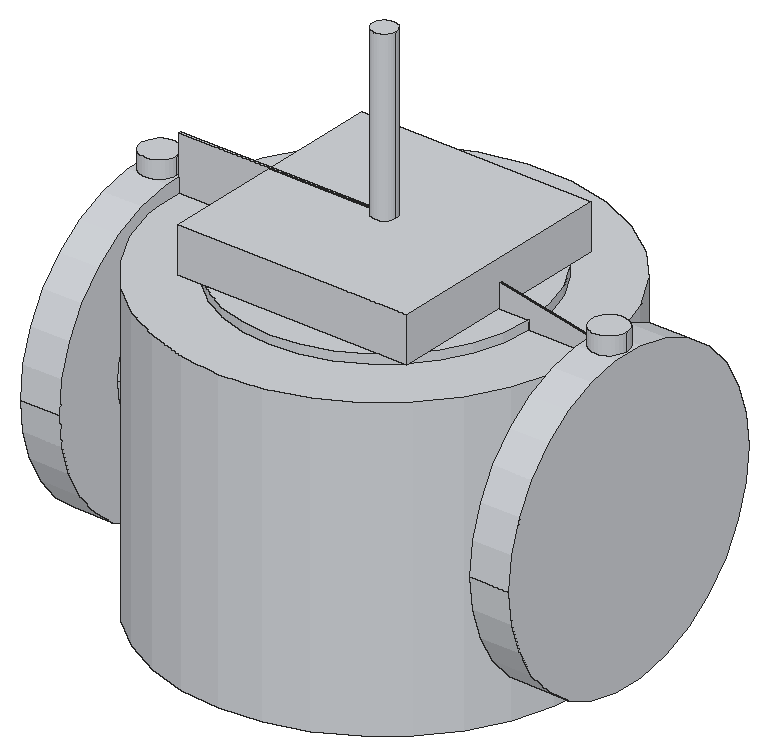
Revit family "OC-FLANGE_HF_DN50-300_PN25_RFA_2018", category Pipe Accessories, Revit 2018
Family settings
  Round Connector Dimension = Use Diameter
  Part Type = Valve - Breaks Into
  Work Plane-Based = No
  Always vertical = Yes
  Cut with Voids When Loaded = No
  Shared = No
Parameters (values of type "Optima Compact Flange PN25 DN300 HF")
  magiProductId = "6988231868984c45bc1ee399ade9af"
  magiProductFamilyId = "85dff9c68a224669bc3e9a31beef4e"
  magiPartTypeId = 304
  isMeasuringValve [instance] = no
  ang2D [instance] = 0.00°
  W2D = 50 mm
  VersionID = "2.0/2018.12.13.2/FRESE_OPT_COMP_BIG_Q13_001"
  Use Minimum Symbol Size [instance] = no
  URL = "www.hydronic.cz"
  Type Comments = "Přírubový; PN25; 0~110°C, s měřením"
  R4 = 251.65 mm
  R3 = 135.2 mm
  R1 = 359.5 mm
  QmdConnectorList = "301;D;302;D"
  Productdata [instance] = ""
  Manufacturer = "Hydronic Systems Prague s..ro"
  MC Use Limits From Balancing Method = no
  MC Throttling Minimum Value = 0
  MC Throttling Maximum Value = 0
  MC Product Code = "53-1238 (DN300 HF; 48mm; pohon min 2500N; Qmin-dpmin 245000l/h-15.0kPa; Qmax-dpmin 600000l/h-70.0kPa; dpmax 800kPa)"
  MC Pressure Drop Minimum Value = 0.0 Pa
  MC Pressure Drop Maximum Value = 0.0 Pa
  MC Piping Given Pressure Drop [instance] = 0.0 Pa
  LF__ve = -LF  # -68 mm
  LF2 = 34 mm
  LF = 68 mm
  L4 = 399.5 mm
  L3 = 714 mm
  L2D_Min = 30.48 mm
  L2D = 230 mm
  L2 = 425 mm
  H6 = 290 mm
  H4 = 78 mm
  H3 = 15 mm
  H2 = 286 mm
  H1 = 520 mm
  H = 1132 mm
  Description = "Tlakově nezávislý 2-cestný regulační vyvažovací ventil (PICV)"
  DF2 = 260 mm
  DD = yes
  D = 300 mm
  CAT0 = yes
  AL2 = 156 mm
  ACT3W = 167 mm
  ACT3L = 92.5 mm
  ACT2L = 230 mm
  ACT2H = 311 mm
  A3WP = 112 mm
Types (2, lengths in mm): name | magiProductId | R4 | R3 | R1 | MC Product Code | LF__ve | LF2 | LF | L4 | L3 | L2 | H6 | H4 | H2 | H1 | H | DF2 | D
  Optima Compact Flange PN25 DN250 HF | "248d4ad3cfa54a6393ff3e1f812aa6" | 192.15 | 115.44 | 274.5 | "53-1237 (DN250 HF; 48mm; pohon min 2500N; Qmin-dpmin 245000l/h-15.0kPa; Qmax-dpmin 600000l/h-70.0kPa; dpmax 800kPa)" | -58.4 | 29.2 | 58.4 | 343.1 | 613.2 | 365 | 339.4 | 66.6 | 244.2 | 444 | 1094 | 222 | 250
  Optima Compact Flange PN25 DN300 HF | "6988231868984c45bc1ee399ade9af" | 251.65 | 135.2 | 359.5 | "53-1238 (DN300 HF; 48mm; pohon min 2500N; Qmin-dpmin 245000l/h-15.0kPa; Qmax-dpmin 600000l/h-70.0kPa; dpmax 800kPa)" | -68 | 34 | 68 | 399.5 | 714 | 425 | 290 | 78 | 286 | 520 | 1132 | 260 | 300
Reference planes
  plane 1 "Center (Front/Back)": y = 0
  plane 2 "XYPLANE": z = 0
  plane 3 "Center (Left/Right)": x = 0
  plane 4 "362": y = 45
  plane 5 "361": y = 55
  plane 6 "360": y = -102
  plane 7 "359": y = -112
  plane 8 "358": z = 852
  plane 9 "357": x = -87.5
  plane 10 "356": x = 87.5
  plane 11 "355": x = -92.5
  plane 12 "354": x = 92.5
  plane 13 "353": x = 35
  plane 14 "352": x = -35
  plane 15 "351": z = 627
  plane 16 "350": z = 812
  plane 17 "347": y = -25
  plane 18 "346": y = 25
  plane 19 "342": z = 328
  plane 20 "341": x = 357
  plane 21 "340": x = -357
  plane 22 "335": x = 106
  plane 23 "334": z = 759
  plane 24 "333": z = 684
  plane 25 "332": z = 689
  plane 26 "331": z = 729
  plane 27 "330": z = 561
  plane 28 "329": z = -260
  plane 29 "328": x = -45
  plane 30 "327": x = 45
  plane 31 "326": x = -49
  plane 32 "325": x = 49
  plane 33 "324": y = -20
  plane 34 "323": y = 20
  plane 35 "322": z = 869
  plane 36 "321": z = 872
  plane 37 "320": z = 581
  plane 38 "319": y = -61
  plane 39 "318": y = 73
  plane 40 "317": x = -74
  plane 41 "316": x = 156
  plane 42 "206": x = 391
  plane 43 "205": x = -391
  plane 44 "204": z = 260
  plane 45 "203": z = 327
  plane 46 "202": z = 249
  plane 47 "201": z = 234
  plane 48 "200": x = -357
  plane 49 "199": z = -286
  plane 50 "198": x = 0
  plane 51 "197": y = 0
  plane 52 "196": z = 0
  plane 53 "195": x = -425
  plane 54 "194": x = 425
  plane 55 "193": z = 617
  plane 56 "192": z = 781
Forms (mm)
  Extrusion 1, solid, visible <- "DD"
    sketch origin (750, 0, 0) x (-1, 0, 0) y (0, 0, 1)
      loop
        line (1107, 328) -> (750, 328) -> (393, 260) -> (393, -260) -> (1107, -260) -> (1107, 328)
    from 0 to 3
  Extrusion 2, solid, visible <- "CAT0"
    sketch origin (-750, 0, 260) x (1, 0, 0) y (0, 1, 0)
      loop
        circle (1141, 0) r 30.3
    from 0 to 30
  Extrusion 3, solid, visible <- "CAT0"
    sketch origin (-750, 0, 260) x (1, 0, 0) y (0, 1, 0)
      loop
        circle (359, 0) r 30.3
    from 0 to 30
  Extrusion 4, solid, visible <- "CAT0"
    sketch origin (-750, 0, 327) x (1, 0, 0) y (0, 1, 0)
      loop
        circle (750, 0) r 20
    from 0 to 290 <- "H6"
  Extrusion 5, solid, visible <- "CAT0"
    sketch origin (-750, 0, 249) x (1, 0, 0) y (0, 1, 0)
      loop
        line (949.75, 199.75) -> (550.25, 199.75) -> (550.25, -199.75) -> (949.75, -199.75) -> (949.75, 199.75)
    from 0 to 78 <- "H4"
  Extrusion 6, solid, visible <- "CAT0"
    sketch origin (-750, 0, 234) x (1, 0, 0) y (0, 1, 0)
      loop
        circle (750, 0) r 251.65
    from 0 to 15 <- "H3"
  Extrusion 7, solid, visible <- "CAT0"
    sketch origin (-357, -750, 0) x (0, 1, 0) y (0, 0, 1)
      loop
        circle (750, 0) r 135.2
    from 0 to 714 <- "L3"
  Extrusion 8, solid, visible <- "CAT0"
    sketch origin (-750, 0, -286) x (1, 0, 0) y (0, 1, 0)
      loop
        circle (750, 0) r 359.5
    from 0 to 520 <- "H1"
  Extrusion 9, solid, visible <- "CAT0"
    sketch origin (-425, -750, 0) x (0, 1, 0) y (0, 0, 1)
      loop
        circle (750, 0) r 260
    from 0 to 68 <- "LF"
  Extrusion 10, solid, visible <- "CAT0"
    sketch origin (425, -750, 0) x (0, 1, 0) y (0, 0, 1)
      loop
        circle (750, 0) r 260
    from 0 to -68 <- "LF__ve"
  Extrusion 11, solid, not visible
    sketch origin (-425, -750, 0) x (0, 1, 0) y (0, 0, 1)
      loop
        circle (750, 0) r 10
    from 0 to 10
  Extrusion 12, solid, not visible
    sketch origin (425, -750, 0) x (0, 1, 0) y (0, 0, 1)
      loop
        circle (750, 0) r 10
    from 0 to -10
Lines and regions (mm)
  reference lines, not visible
    curve 1: circle (2, 2, 0) r 1 normal (0, 0, 1)
  reference lines
    curve 2: line (-49, -20, 561) -> (49, -20, 561)
    curve 3: line (49, -20, 561) -> (49, 20, 561)
    curve 4: line (49, 20, 561) -> (-49, 20, 561)
    curve 5: line (-49, 20, 561) -> (-49, -20, 561)
    curve 6: circle (0, 0, 249) r 1 normal (0, 0, 1)
Dimensions and locks
  plane 1 "Center (Front/Back)" to curve 1 = 2 mm
  locked: plane 5 "361" to plane 4 "362" at 10
  "ACT3W": plane 7 "359" to plane 5 "361"
  locked: plane 7 "359" to plane 6 "360" at 10
  "A3WP": plane 51 "197" to plane 7 "359"
  locked: plane 36 "321" to plane 8 "358" at 20
  locked: plane 11 "355" to plane 9 "357" at 5
  locked: plane 12 "354" to plane 10 "356" at 5
  "ACT3L": plane 50 "198" to plane 11 "355"
  "ACT3L": plane 50 "198" to plane 12 "354"
  locked: plane 30 "327" to plane 13 "353" at 10
  locked: plane 29 "328" to plane 14 "352" at 10
  locked: plane 36 "321" to plane 15 "351" at 245
  locked: plane 36 "321" to plane 16 "350" at 60
  locked: plane 51 "197" to plane 17 "347" at 25
  locked: plane 51 "197" to plane 18 "346" at 25
  "LF": plane 44 "204" to plane 19 "342"
  "LF": plane 54 "194" to plane 20 "341"
  "LF": plane 53 "195" to plane 21 "340"
  locked: plane 41 "316" to plane 22 "335" at 50
  locked: plane 26 "331" to plane 23 "334" at 30
  locked: plane 35 "322" to plane 24 "333" at 185
  locked: plane 35 "322" to plane 25 "332" at 180
  locked: plane 35 "322" to plane 26 "331" at 140
  "ACT2H": plane 36 "321" to plane 27 "330"
  "DF2": plane 52 "196" to plane 28 "329"
  locked: plane 30 "327" to plane 29 "328" at 90
  locked: plane 50 "198" to plane 30 "327" at 45
  locked: plane 50 "198" to plane 31 "326" at 49
  locked: plane 50 "198" to plane 32 "325" at 49
  locked: plane 34 "323" to plane 33 "324" at 40
  locked: plane 51 "197" to plane 34 "323" at 20
  locked: plane 36 "321" to plane 35 "322" at 3
  "H": plane 28 "329" to plane 36 "321"
  locked: plane 27 "330" to plane 37 "320" at 20
  locked: plane 51 "197" to plane 38 "319" at 61
  locked: plane 51 "197" to plane 39 "318" at 73
  "ACT2L": plane 41 "316" to plane 40 "317"
  "AL2": plane 50 "198" to plane 41 "316"
  "LF2": plane 54 "194" to plane 42 "206"
  "LF2": plane 53 "195" to plane 43 "205"
  "DF2": plane 2 "XYPLANE" to plane 44 "204"
  "H4": plane 46 "202" to plane 45 "203"
  "H3": plane 47 "201" to plane 46 "202"
  "H1": plane 49 "199" to plane 47 "201"
  "LF": plane 53 "195" to plane 48 "200"
  "H2": plane 2 "XYPLANE" to plane 49 "199"
  locked: plane 3 "Center (Left/Right)" to plane 50 "198"
  locked: plane 1 "Center (Front/Back)" to plane 51 "197"
  locked: plane 2 "XYPLANE" to plane 52 "196"
  "L2": plane 3 "Center (Left/Right)" to plane 53 "195"
  "L2": plane 3 "Center (Left/Right)" to plane 54 "194"
  "H6": plane 45 "203" to plane 55 "193"
  locked: plane 55 "193" to plane 56 "192" at 164
  Extrusion 1 sketch curve to Extrusion 1 sketch curve = 0 mm  (x10)
  equal spacing: Extrusion 5 sketch curve, curve 6, Extrusion 5 sketch curve  (x2)
  "L4": Extrusion 5 sketch curve to Extrusion 5 sketch curve  (x2)
  Extrusion 5 sketch curve to Extrusion 5 sketch curve = 0 mm  (x8)
  "R4": radius of Extrusion 6 sketch curve
  "R3": radius of Extrusion 7 sketch curve
  "R1": radius of Extrusion 8 sketch curve
  "DF2": radius of Extrusion 9 sketch curve
  "DF2": radius of Extrusion 10 sketch curve
  aligned and locked: level to plane 2 "XYPLANE"
  aligned and locked: plane 21 "340" to Extrusion 1 sketch curve  (x2)
  aligned and locked: plane 19 "342" to Extrusion 1 sketch curve
  aligned and locked: plane 28 "329" to Extrusion 1 sketch curve  (x2)
  aligned and locked: plane 20 "341" to Extrusion 1 sketch curve  (x2)
  aligned and locked: plane 44 "204" to Extrusion 1 sketch curve
  aligned and locked: plane 50 "198" to Extrusion 1 sketch curve
  aligned and locked: Extrusion 1 sketch curve to plane 19 "342"
  aligned and locked: curve 2 to plane 33 "324"
  aligned and locked: plane 31 "326" to curve 2
  aligned and locked: plane 32 "325" to curve 2
  aligned and locked: plane 33 "324" to curve 3
  aligned and locked: plane 34 "323" to curve 3
  aligned and locked: plane 32 "325" to curve 4
  aligned and locked: plane 31 "326" to curve 4
  aligned and locked: plane 34 "323" to curve 5
  aligned and locked: plane 42 "206" to Extrusion 2 sketch curve
  aligned and locked: plane 51 "197" to Extrusion 2 sketch curve
  aligned and locked: plane 43 "205" to Extrusion 3 sketch curve
  aligned and locked: plane 51 "197" to Extrusion 3 sketch curve
  aligned and locked: plane 50 "198" to Extrusion 4 sketch curve
  aligned and locked: plane 51 "197" to Extrusion 4 sketch curve
  aligned and locked: plane 50 "198" to curve 6
  aligned and locked: plane 51 "197" to curve 6
  aligned and locked: plane 50 "198" to Extrusion 6 sketch curve
  aligned and locked: plane 51 "197" to Extrusion 6 sketch curve
  aligned and locked: Extrusion 7 sketch curve to plane 51 "197"
  aligned and locked: plane 52 "196" to Extrusion 7 sketch curve
  aligned and locked: plane 50 "198" to Extrusion 8 sketch curve
  aligned and locked: plane 51 "197" to Extrusion 8 sketch curve
  aligned and locked: Extrusion 9 sketch curve to plane 51 "197"
  aligned and locked: plane 52 "196" to Extrusion 9 sketch curve
  aligned and locked: Extrusion 10 sketch curve to plane 51 "197"
  aligned and locked: plane 52 "196" to Extrusion 10 sketch curve
  aligned and locked: Extrusion 11 sketch curve to plane 51 "197"
  aligned and locked: plane 52 "196" to Extrusion 11 sketch curve
  aligned and locked: Extrusion 12 sketch curve to plane 51 "197"
  aligned and locked: plane 52 "196" to Extrusion 12 sketch curve
Automatic sketch dimensions
  plane 20 "341" to Extrusion 2 sketch curve = 3.7 mm
  plane 53 "195" to Extrusion 3 sketch curve = 3.7 mm
  plane 14 "352" to Extrusion 4 sketch curve = 15 mm
  plane 1 "Center (Front/Back)" to Extrusion 11 sketch curve = 10 mm
  plane 1 "Center (Front/Back)" to Extrusion 12 sketch curve = 10 mm
  plane 3 "Center (Left/Right)" to curve 1 = 2 mm
  Extrusion 5 sketch curve to plane 11 "355" = 107.25 mm
  Extrusion 5 sketch curve to plane 7 "359" = 87.75 mm
  radius of curve 6 = 1 mm
  radius of curve 1 = 1 mm
Connectors
  piping at (-425, 0, 0), diameter 300, driven by "D"
    settings: on Extrusion 11, index 1, connector inside diameter 609.6 mm, connector length 0 mm, flow factor 0, pipe flow 0.0 L/s, pressure drop 0.0 Pa, fitting loss kfactor 0, connector angle 0.00°, fixture units 0, engagement length 0 mm, angle of deflection 0.00°, flow configuration 0, flow direction 0, fitting loss method 0, system type 29, joint type 0, gender type 0, connector reference index 2, connector utility 0, adjustable connector no, is connector primary yes, connector description ""
  piping at (425, 0, 0), diameter 300, driven by "D"
    settings: on Extrusion 12, index 2, connector inside diameter 609.6 mm, connector length 0 mm, flow factor 0, pipe flow 0.0 L/s, pressure drop 0.0 Pa, fitting loss kfactor 0, connector angle 0.00°, fixture units 0, engagement length 0 mm, angle of deflection 0.00°, flow configuration 0, flow direction 0, fitting loss method 0, system type 29, joint type 0, gender type 0, connector reference index 1, connector utility 0, adjustable connector no, is connector primary no, connector description ""
